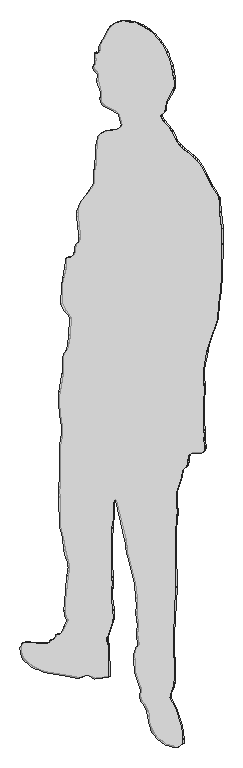
Revit family "Flat Man 12", category Entourage, Revit 2015
Parameters
  Flat Material [instance] = none
  Height = 0 mm
Reference planes
  plane 1 "Center (Front/Back)": y = 0
  plane 2: z = 0
  plane 3 "Center (Left/Right)": x = 0
Forms (mm)
  Extrusion 1, solid, material <- "Flat Material"
    sketch origin (0, 0, 0) x (1, 0, 0) y (0, 0, 1)
      loop
        line (208.334, 1668.253) -> (204.594, 1681.599) -> (198.13, 1698.138) -> (189.849, 1713.29) -> (179.64, 1726.789) -> (167.39, 1738.365) -> (160.465, 1743.35) -> (152.988, 1747.754) -> (144.945, 1751.544) -> (136.321, 1754.687) -> (117.278, 1758.898) -> (95.746, 1760.12) -> (92.061, 1758.277) -> (87.957, 1756.915) -> (79.011, 1755.087) -> (69.955, 1753.544) -> (65.713, 1752.539) -> (61.835, 1751.195) -> (50.941, 1745.885) -> (41.486, 1739.868) -> (33.288, 1733.079) -> (26.164, 1725.448) -> (19.929, 1716.909) -> (14.401, 1707.395) -> (4.732, 1685.168) -> (3.044, 1681.601) -> (0.656, 1677.533) -> (-4.751, 1668.511) -> (-7.032, 1663.866) -> (-7.906, 1661.579) -> (-8.541, 1659.34) -> (-8.89, 1657.169) -> (-8.908, 1655.086) -> (-8.778, 1654.084) -> (-8.548, 1653.11) -> (-8.213, 1652.168) -> (-7.765, 1651.261) -> (-8.123, 1647.997) -> (-8.725, 1645.378) -> (-9.133, 1644.285) -> (-9.62, 1643.324) -> (-10.194, 1642.484) -> (-10.859, 1641.756) -> (-11.623, 1641.13) -> (-12.492, 1640.596) -> (-13.472, 1640.144) -> (-14.569, 1639.765) -> (-17.14, 1639.183) -> (-20.255, 1638.771) -> (-20.975, 1632.574) -> (-21.059, 1626.955) -> (-20.689, 1617.032) -> (-20.921, 1612.519) -> (-21.291, 1610.328) -> (-21.888, 1608.164) -> (-22.753, 1606.013) -> (-23.93, 1603.862) -> (-25.463, 1601.698) -> (-27.393, 1599.509) -> (-26.848, 1597.194) -> (-26.178, 1595.245) -> (-25.4, 1593.619) -> (-24.53, 1592.277) -> (-23.586, 1591.178) -> (-22.584, 1590.281) -> (-21.542, 1589.545) -> (-20.475, 1588.929) -> (-16.31, 1586.856) -> (-15.379, 1586.232) -> (-14.525, 1585.483) -> (-13.765, 1584.569) -> (-13.117, 1583.45) -> (-14.903, 1565.605) -> (-4.193, 1540.619) -> (-3.806, 1538.929) -> (-3.618, 1537.298) -> (-3.596, 1535.719) -> (-3.71, 1534.187) -> (-4.889, 1528.417) -> (-5.474, 1525.667) -> (-5.72, 1522.947) -> (-5.638, 1521.584) -> (-5.377, 1520.213) -> (-4.905, 1518.826) -> (-4.193, 1517.419) -> (-3.298, 1515.361) -> (-2.328, 1513.76) -> (-1.29, 1512.488) -> (-0.188, 1511.423) -> (2.181, 1509.407) -> (3.437, 1508.207) -> (4.732, 1506.712) -> (27.692, 1505.261) -> (38.396, 1503.225) -> (43.219, 1501.636) -> (47.559, 1499.574) -> (51.343, 1487.318) -> (53.516, 1481.429) -> (54.872, 1478.766) -> (56.484, 1476.374) -> (55.866, 1474.244) -> (54.98, 1472.231) -> (53.842, 1470.325) -> (52.468, 1468.518) -> (49.083, 1465.158) -> (44.958, 1462.077) -> (23.767, 1451.022) -> (12.241, 1445.196) -> (1.533, 1438.366) -> (-3.177, 1434.385) -> (-7.279, 1429.926) -> (-10.637, 1424.913) -> (-11.995, 1422.175) -> (-13.117, 1419.27) -> (-15.961, 1408.378) -> (-17.776, 1396.614) -> (-19.517, 1371.554) -> (-20.733, 1346.261) -> (-23.82, 1322.904) -> (-23.82, 1297.922) -> (-28.544, 1286.272) -> (-34.588, 1275.347) -> (-48.741, 1254.636) -> (-62.48, 1233.706) -> (-68.007, 1222.509) -> (-72.007, 1210.476) -> (-72.872, 1205.737) -> (-73.267, 1200.716) -> (-72.92, 1190.013) -> (-69.644, 1167.251) -> (-66.656, 1145.132) -> (-66.67, 1135.234) -> (-67.298, 1130.736) -> (-68.434, 1126.6) -> (-68.75, 1125.857) -> (-69.161, 1125.104) -> (-70.212, 1123.571) -> (-72.862, 1120.432) -> (-75.528, 1117.255) -> (-76.601, 1115.674) -> (-77.026, 1114.89) -> (-77.358, 1114.111) -> (-78.53, 1110.211) -> (-79.299, 1106.383) -> (-80.274, 1098.985) -> (-81.576, 1092.012) -> (-82.753, 1088.715) -> (-83.544, 1087.118) -> (-84.496, 1085.559) -> (-85.537, 1084.206) -> (-86.723, 1082.979) -> (-89.441, 1080.82) -> (-95.627, 1077.124) -> (-98.732, 1075.265) -> (-101.602, 1073.184) -> (-102.894, 1072.01) -> (-104.058, 1070.72) -> (-105.074, 1069.295) -> (-105.917, 1067.714) -> (-107.696, 1044.514) -> (-117.534, 996.827) -> (-120.193, 944.579) -> (-107.757, 930.363) -> (-101.328, 923.671) -> (-97.621, 920.611) -> (-93.42, 917.81) -> (-96.118, 871.926) -> (-99.349, 849.068) -> (-104.131, 830.368) -> (-104.898, 828.709) -> (-105.975, 826.946) -> (-108.64, 823.242) -> (-111.279, 819.532) -> (-112.325, 817.762) -> (-113.048, 816.093) -> (-114.678, 809.533) -> (-115.422, 803.048) -> (-115.348, 790.077) -> (-115.017, 776.729) -> (-115.44, 769.773) -> (-116.621, 762.554) -> (-125.545, 712.589) -> (-127.399, 698.342) -> (-127.176, 683.534) -> (-123.215, 653.21) -> (-119.08, 623.575) -> (-118.642, 609.629) -> (-119.126, 602.98) -> (-120.193, 596.588) -> (-123.849, 569.83) -> (-124.389, 542.852) -> (-123.758, 491.302) -> (-125.831, 462.974) -> (-126.363, 449.783) -> (-125.545, 437.764) -> (-123.758, 359.246) -> (-114.834, 334.26) -> (-111.269, 303.925) -> (-104.59, 285.284) -> (-101.125, 275.5) -> (-98.772, 266.449) -> (-98.569, 263.733) -> (-98.706, 260.247) -> (-99.691, 252.021) -> (-102.345, 237.894) -> (-109.483, 168.297) -> (-110.483, 143.081) -> (-109.821, 137.225) -> (-109.212, 134.491) -> (-108.382, 131.917) -> (-107.306, 129.526) -> (-105.958, 127.342) -> (-104.313, 125.386) -> (-102.345, 123.683) -> (-111.069, 102.276) -> (-115.985, 91.71) -> (-118.812, 86.921) -> (-121.972, 82.638) -> (-134.469, 75.5) -> (-138.034, 63.006) -> (-152.61, 52.076) -> (-153.333, 50.448) -> (-153.914, 48.499) -> (-154.205, 47.554) -> (-154.987, 45.731) -> (-159.893, 42.618) -> (-164.179, 40.423) -> (-173.418, 36.881) -> (-193.451, 31.792) -> (-213.438, 26.695) -> (-222.619, 23.145) -> (-226.867, 20.944) -> (-230.835, 18.393) -> (-231.587, 17.781) -> (-232.281, 17.078) -> (-233.521, 15.448) -> (-235.604, 11.605) -> (-237.534, 7.587) -> (-238.582, 5.739) -> (-239.759, 4.117) -> (-238.599, -8.926) -> (-237.904, -11.935) -> (-236.992, -14.685) -> (-235.833, -17.094) -> (-235.153, -18.146) -> (-234.4, -19.083) -> (-233.721, -20.575) -> (-232.839, -22.007) -> (-231.764, -23.377) -> (-230.504, -24.685) -> (-227.473, -27.116) -> (-223.821, -29.298) -> (-214.963, -32.902) -> (-204.54, -35.478) -> (-193.166, -37.009) -> (-181.451, -37.476) -> (-170.008, -36.859) -> (-159.448, -35.141) -> (-105.917, -24.434) -> (-75.579, -20.865) -> (-71.285, -18.933) -> (-67.067, -16.465) -> (-58.741, -10.694) -> (-50.356, -5.102) -> (-46.066, -2.855) -> (-41.669, -1.234) -> (-22.041, -3.02) -> (0, 5.744) -> (20.794, 16.611) -> (19.008, 96.914) -> (18.695, 99.69) -> (17.999, 102.323) -> (16.147, 107.517) -> (15.336, 110.256) -> (14.833, 113.209) -> (14.808, 116.466) -> (15.029, 118.235) -> (15.435, 120.114) -> (31.497, 164.728) -> (32.628, 171.08) -> (33.045, 178.832) -> (32.262, 196.694) -> (27.925, 228.973) -> (27.582, 231.886) -> (27.524, 234.95) -> (28.018, 241.224) -> (29.711, 252.17) -> (30.362, 266.027) -> (29.645, 282.192) -> (27.925, 314.629) -> (27.66, 379.357) -> (29.135, 409.78) -> (30.8, 422.959) -> (33.283, 434.195) -> (34.008, 437.249) -> (34.461, 440.388) -> (34.728, 446.839) -> (33.932, 459.9) -> (33.704, 472.155) -> (34.064, 474.949) -> (34.679, 477.597) -> (35.593, 480.079) -> (36.849, 482.378) -> (36.849, 485.947) -> (40.421, 485.947) -> (67.187, 391.367) -> (69.546, 381.14) -> (70.623, 371.569) -> (71.767, 362.081) -> (72.785, 357.189) -> (74.325, 352.105) -> (94.387, 287.848) -> (100.151, 251.74) -> (100.733, 233.255) -> (99.311, 214.698) -> (99.151, 211.899) -> (99.32, 208.725) -> (100.334, 201.816) -> (102.877, 189.711) -> (103.355, 185.199) -> (103.302, 180.332) -> (102.391, 169.762) -> (101.722, 158.459) -> (101.973, 152.677) -> (102.877, 146.884) -> (104.773, 138.964) -> (105.346, 133.697) -> (105.209, 131.222) -> (104.993, 130.085) -> (104.534, 128.63) -> (103.33, 127.124) -> (101.131, 124.763) -> (98.914, 122.309) -> (97.661, 120.613) -> (92.173, 100.483) -> (91.862, 98.583) -> (91.851, 96.749) -> (92.065, 94.997) -> (92.432, 93.343) -> (93.96, 87.994) -> (95.746, 54.087) -> (98.002, 48.032) -> (101.085, 41.755) -> (107.807, 28.743) -> (110.485, 22.111) -> (111.444, 18.787) -> (112.068, 15.465) -> (112.298, 12.152) -> (112.073, 8.855) -> (111.335, 5.581) -> (110.022, 2.335) -> (110.254, -1.615) -> (110.805, -5.045) -> (111.639, -8.018) -> (112.719, -10.595) -> (114.008, -12.84) -> (115.469, -14.814) -> (118.759, -18.199) -> (125.782, -24.46) -> (127.415, -26.281) -> (128.925, -28.33) -> (130.275, -30.669) -> (131.428, -33.359) -> (134.654, -45.603) -> (136.683, -57.728) -> (139.208, -69.268) -> (141.187, -74.672) -> (143.925, -79.755) -> (146.407, -83.057) -> (149.422, -86.191) -> (152.915, -89.133) -> (156.833, -91.86) -> (165.721, -96.577) -> (175.653, -100.157) -> (186.191, -102.413) -> (196.9, -103.16) -> (207.346, -102.213) -> (212.333, -101.046) -> (217.091, -99.386) -> (220.033, -97.912) -> (222.7, -96.113) -> (227.482, -91.886) -> (236.718, -83.324) -> (237.199, -68.989) -> (235.644, -53.808) -> (232.332, -38.309) -> (227.545, -23.019) -> (221.562, -8.463) -> (214.665, 4.832) -> (207.134, 16.339) -> (199.25, 25.531) -> (199.648, 30.339) -> (200.433, 34.471) -> (202.799, 41.35) -> (208.167, 54.087) -> (209.555, 60.818) -> (210.286, 67.92) -> (211.739, 80.856) -> (209.953, 189.711) -> (217.091, 321.77) -> (215.615, 416.028) -> (215.383, 461.36) -> (218.877, 500.222) -> (220, 509.892) -> (220.132, 519.659) -> (218.764, 538.866) -> (217.452, 556.598) -> (217.655, 564.521) -> (218.118, 568.179) -> (218.877, 571.609) -> (233.153, 616.219) -> (234.939, 632.282) -> (235.557, 633.495) -> (236.289, 634.655) -> (238.029, 636.849) -> (242.144, 640.977) -> (246.225, 645.218) -> (247.92, 647.554) -> (248.623, 648.806) -> (249.208, 650.126) -> (250.495, 654.392) -> (251.259, 658.711) -> (252.039, 667.26) -> (253.19, 675.273) -> (254.418, 678.923) -> (255.284, 680.631) -> (256.353, 682.251) -> (258.71, 684.897) -> (261.382, 687.066) -> (264.312, 688.839) -> (267.445, 690.296) -> (280.922, 694.588) -> (287.456, 696.941) -> (290.48, 698.453) -> (293.268, 700.295) -> (295.766, 702.549) -> (296.888, 703.856) -> (297.918, 705.296) -> (298.847, 706.879) -> (299.67, 708.615) -> (300.967, 712.589) -> (301.35, 714.561) -> (301.554, 716.517) -> (301.518, 720.397) -> (300.362, 728.157) -> (299.061, 736.163) -> (298.846, 740.35) -> (299.181, 744.71) -> (299.424, 751.831) -> (299.006, 762.376) -> (297.394, 782.182) -> (296.202, 827.552) -> (299.181, 873.196) -> (299.286, 877.766) -> (298.904, 882.933) -> (297.465, 894.438) -> (296.438, 906.476) -> (296.57, 912.308) -> (297.394, 917.81) -> (306.815, 971.82) -> (311.67, 989.193) -> (338.436, 1065.928) -> (340.222, 1106.973) -> (346.918, 1143.878) -> (349.248, 1183.399) -> (350.933, 1267.584) -> (351.326, 1307.522) -> (345.581, 1347.887) -> (343.795, 1380.012) -> (342.152, 1383.918) -> (340.02, 1387.56) -> (334.806, 1394.26) -> (324.167, 1406.777) -> (303.229, 1436.847) -> (291.332, 1450.65) -> (284.792, 1456.74) -> (277.767, 1462.098) -> (272.009, 1465.468) -> (265.87, 1468.221) -> (252.93, 1472.715) -> (239.917, 1477.253) -> (233.687, 1480.063) -> (227.801, 1483.512) -> (224.333, 1486.219) -> (221.107, 1489.391) -> (215.22, 1496.694) -> (204.594, 1512.067) -> (201.41, 1515.687) -> (197.773, 1518.84) -> (189.696, 1524.526) -> (181.486, 1530.674) -> (177.681, 1534.407) -> (172.589, 1541.006) -> (174.833, 1544.777) -> (176.528, 1547.019) -> (180.454, 1551.356) -> (182.113, 1553.27) -> (182.741, 1554.124) -> (183.187, 1554.895) -> (184.49, 1558.275) -> (185.463, 1561.995) -> (186.845, 1570.009) -> (188.184, 1578.05) -> (189.101, 1581.804) -> (190.325, 1585.233) -> (208.167, 1619.14) -> (210.447, 1626.933) -> (211.582, 1635.189) -> (211.756, 1643.679) -> (211.15, 1652.172) -> (208.334, 1668.253)
    from -2.5 to 2.5
Lines and regions (mm)
  model lines
    curve 1: line (-150, 0, 0) -> (150, 0, 0)
    curve 2: line (0, -150, 0) -> (0, 150, 0)
Dimensions and locks
  aligned and locked: level to plane 2
